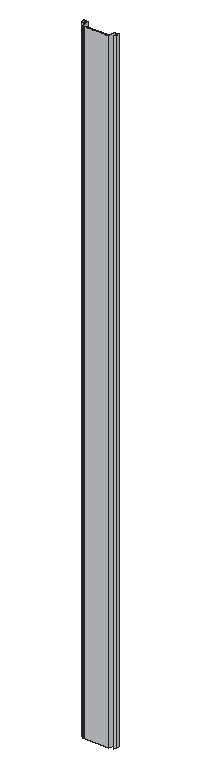
Revit family "鋼板樁角樁", category 一般模型, Revit 2017
Family settings
  可以作為鋼筋主體 = 否
  圓形接點標註 = 使用直徑
  組件類型 = 正常
  以工作平面為基礎 = 否
  總是垂直 = 是
  載入時使用空心挖方 = 否
  共用 = 否
  房間計算點 = 否
Parameters
  b = 200 mm
  a = -7800 mm
Reference planes
  plane 1 "中心 (前/後)": y = 0
  plane 2: z = 0
  plane 3 "中心 (左/右)": x = 0
Forms (mm)
  Extrusion 1, solid
    sketch origin (0, 0, 0) x (1, 0, 0) y (0, 1, 0)
      loop
        line (67.407, -87.699) -> (391.421, -87.699) -> (405.211, -6.187) -> (438.836, -6.187) -> (438.836, -38.472) -> (425.618, -51.689) -> (431.863, -57.934) -> (448.02, -41.777) -> (448.02, 0) -> (398.796, 0) -> (385.415, -79.088) -> (73.381, -79.088) -> (60, 0) -> (8.317, 0) -> (8.317, -38.333) -> (27.426, -57.441) -> (33.178, -51.689) -> (15.5, -34.012) -> (15.5, -6.187) -> (53.616, -6.187) -> (67.407, -87.699)
    from 200 <- "b" to -7800 <- "a"
Dimensions and locks
  aligned and locked: level to plane 2
